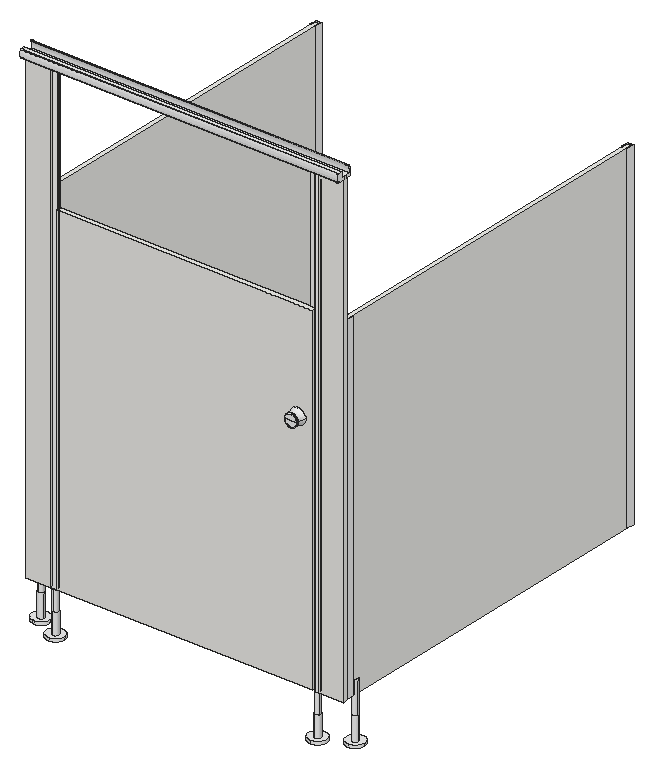
Revit family "Alsanit - Kabiny sanitarne AQUARI PRZEDSZKOLNE - LPW", category Doors, Revit 2020 (continued)
Definition of nested family "front"
  Dimensions and locks
    aligned and locked: plane 26 to Sweep 20 sketch curve
    aligned and locked: plane 23 to Sweep 20 sketch curve  (x2)
    aligned and locked: plane 5 to Sweep 20 sketch curve
    aligned and locked: plane 4 to Sweep 20 sketch curve
    aligned and locked: plane 26 to Sweep 21 sketch curve
    aligned and locked: plane 5 to Sweep 21 sketch curve
    aligned and locked: plane 22 to Sweep 21 sketch curve
    aligned and locked: Sweep 21 sketch curve to plane 20
    aligned and locked: curve 1 to Sweep 21 sketch curve
    aligned and locked: plane 21 to Sweep 16 sketch curve
    aligned and locked: Sweep 10 sketch curve to plane 22
    aligned and locked: Sweep 13 sketch curve to plane 22
    aligned and locked: plane 22 to Sweep 14 sketch curve
    aligned and locked: plane 23 to Sweep 11 sketch curve
    aligned and locked: Sweep 12 sketch curve to plane 23
    aligned and locked: Sweep 15 sketch curve to plane 23
    aligned and locked: Revolve 3 sketch curve to plane 28
    aligned and locked: plane 27 to Sweep 22 sketch curve
    aligned and locked: plane 28 to Sweep 22 sketch curve
    aligned and locked: plane 29 to SweptBlend 23 sketch curve
    aligned and locked: plane 27 to SweptBlend 23 sketch curve
  Automatic sketch dimensions
    Extrusion 5 sketch curve to plane 3 "Center (Left/Right)" = 0.00 mm
    Extrusion 5 sketch curve to plane 3 "Center (Left/Right)" = 9.496 mm
    Extrusion 5 sketch curve to Extrusion 5 sketch curve = 4.01 mm  (x2)
    plane 3 "Center (Left/Right)" to Extrusion 5 sketch curve = 9.496 mm
    Extrusion 5 sketch curve to plane 6 = 252.608 mm
    Extrusion 5 sketch curve to Extrusion 5 sketch curve = 5.253 mm  (x2)
    Extrusion 5 sketch curve to Extrusion 5 sketch curve = 8.198 mm  (x2)
    Extrusion 5 sketch curve to Extrusion 5 sketch curve = 9.245 mm
    Extrusion 5 sketch curve to Extrusion 5 sketch curve = 0.00 mm
    Extrusion 6 sketch curve to plane 6 = 252.608 mm
    Extrusion 6 sketch curve to Extrusion 6 sketch curve = 3.724 mm
    Extrusion 6 sketch curve to Extrusion 6 sketch curve = 6.458 mm
    Extrusion 6 sketch curve to Extrusion 6 sketch curve = 7.301 mm
    Extrusion 6 sketch curve to Extrusion 6 sketch curve = 3.101 mm
    Extrusion 6 sketch curve to Extrusion 6 sketch curve = 10.258 mm
    Extrusion 6 sketch curve to Extrusion 6 sketch curve = 4.27 mm
    Extrusion 6 sketch curve to Extrusion 6 sketch curve = 5.269 mm
    Extrusion 6 sketch curve to Extrusion 6 sketch curve = 11.338 mm
    Extrusion 6 sketch curve to Extrusion 6 sketch curve = 0.173 mm
    Extrusion 6 sketch curve to Extrusion 6 sketch curve = 3.03 mm
    Extrusion 6 sketch curve to Extrusion 6 sketch curve = 7.018 mm
    Extrusion 6 sketch curve to Extrusion 6 sketch curve = 44.934 mm
    Extrusion 6 sketch curve to Extrusion 6 sketch curve = 0.00 mm  (x3)
    Extrusion 7 sketch curve to plane 6 = 252.608 mm
    Extrusion 7 sketch curve to Extrusion 7 sketch curve = 3.724 mm
    Extrusion 7 sketch curve to Extrusion 7 sketch curve = 6.458 mm
    Extrusion 7 sketch curve to Extrusion 7 sketch curve = 7.301 mm
    Extrusion 7 sketch curve to Extrusion 7 sketch curve = 3.101 mm
    Extrusion 7 sketch curve to Extrusion 7 sketch curve = 10.258 mm
    Extrusion 7 sketch curve to Extrusion 7 sketch curve = 4.27 mm
    Extrusion 7 sketch curve to Extrusion 7 sketch curve = 5.269 mm
    Extrusion 7 sketch curve to Extrusion 7 sketch curve = 11.338 mm
    Extrusion 7 sketch curve to Extrusion 7 sketch curve = 0.173 mm
    Extrusion 7 sketch curve to Extrusion 7 sketch curve = 3.03 mm
    Extrusion 7 sketch curve to Extrusion 7 sketch curve = 7.018 mm
    Extrusion 7 sketch curve to Extrusion 7 sketch curve = 44.934 mm
    Extrusion 7 sketch curve to Extrusion 7 sketch curve = 0.00 mm  (x3)
    plane 1 "Center (Front/Back)" to Sweep 1 sketch curve = 0.00 mm
    plane 8 to Sweep 8 sketch curve = 5.26 mm
    Sweep 9 sketch curve to plane 7 = 0.274 mm
    Sweep 16 sketch curve to plane 23 = 0.00 mm
    profile plane to Sweep 16 sketch curve = 4.547 mm
    Sweep 17 sketch curve to profile plane = 2.00 mm
    Sweep 17 sketch curve to profile plane = 8.369 mm
    Sweep 17 sketch curve to Sweep 17 sketch curve = 25.273 mm
    Sweep 20 sketch curve to Sweep 20 sketch curve = 2.00 mm
    Sweep 20 sketch curve to Sweep 20 sketch curve = 31.642 mm
    Sweep 19 sketch curve to Sweep 19 sketch curve = 6.729 mm
    Revolve 2 sketch curve to plane 9 = 0.00 mm  (x2)
    Revolve 2 sketch curve to plane 4 = 0.00 mm
    plane 23 to Revolve 2 sketch curve = 5.153 mm
    Revolve 2 sketch curve to plane 10 = 16.186 mm
    Revolve 2 sketch curve to plane 10 = 24.00 mm
    Revolve 2 sketch curve to Revolve 2 sketch curve = 25.00 mm  (x2)
    Revolve 2 sketch curve to Revolve 2 sketch curve = 10.00 mm
    Revolve 3 sketch curve to plane 9 = 0.00 mm  (x3)
    plane 1 "Center (Front/Back)" to Revolve 3 sketch curve = 0.00 mm
    plane 9 to Revolve 3 sketch curve = 23.50 mm
    Revolve 3 sketch curve to Revolve 3 sketch curve = 1.50 mm
    Revolve 3 sketch curve to plane 12 = 2.881 mm
    Revolve 3 sketch curve to plane 7 = 22.143 mm
    Revolve 3 sketch curve to plane 10 = 24.00 mm
    Revolve 3 sketch curve to Revolve 3 sketch curve = 3.50 mm
    Revolve 3 sketch curve to Revolve 3 sketch curve = 4.976 mm
    Revolve 3 sketch curve to Revolve 3 sketch curve = 20.00 mm
    Revolve 3 sketch curve to Revolve 3 sketch curve = 10.00 mm
    Sweep 22 sketch curve to plane 9 = 0.00 mm
    Sweep 4 sketch curve to profile plane = 0.00 mm  (x2)
    profile plane to Sweep 4 sketch curve = 26.00 mm
    profile plane to Sweep 4 sketch curve = 16.877 mm
    Sweep 4 sketch curve to profile plane = 57.00 mm
    Sweep 4 sketch curve to profile plane = 9.00 mm
    SweptBlend 23 sketch curve to plane 9 = 0.00 mm
    profile plane to SweptBlend 23 sketch curve = 60.398 mm
    SweptBlend 23 sketch curve to SweptBlend 23 sketch curve = 0.00 mm  (x3)
    SweptBlend 23 sketch curve to SweptBlend 23 sketch curve = 0.105 mm
    SweptBlend 23 sketch curve to profile plane = 8.41 mm
    level to SweptBlend 23 sketch curve = 1108.003 mm
    SweptBlend 23 sketch curve to SweptBlend 23 sketch curve = 1.997 mm
    SweptBlend 23 sketch curve to SweptBlend 23 sketch curve = 0.293 mm  (x2)
    SweptBlend 23 sketch curve to SweptBlend 23 sketch curve = 5.588 mm
    profile plane to Sweep 22 sketch curve = 60.555 mm
    Sweep 22 sketch curve to Sweep 22 sketch curve = 0.00 mm
    Sweep 22 sketch curve to Sweep 22 sketch curve = 0.262 mm
    Sweep 22 sketch curve to profile plane = 7.195 mm  (x2)
    Sweep 22 sketch curve to profile plane = 7.643 mm
    level to Sweep 22 sketch curve = 1101.456 mm
    Sweep 22 sketch curve to Sweep 22 sketch curve = 3.551 mm
    Sweep 22 sketch curve to Sweep 22 sketch curve = 8.544 mm
    Sweep 22 sketch curve to Sweep 22 sketch curve = 4.993 mm
    profile plane to SweptBlend 23 sketch curve = 60.555 mm
    SweptBlend 23 sketch curve to SweptBlend 23 sketch curve = 0.262 mm
    SweptBlend 23 sketch curve to profile plane = 7.195 mm  (x2)
    level to SweptBlend 23 sketch curve = 1101.456 mm
    SweptBlend 23 sketch curve to SweptBlend 23 sketch curve = 4.993 mm
    SweptBlend 23 sketch curve to SweptBlend 23 sketch curve = 3.551 mm
    SweptBlend 23 sketch curve to SweptBlend 23 sketch curve = 17.088 mm
    SweptBlend 23 sketch curve to profile plane = 7.643 mm
    Sweep 8 sketch curve to Sweep 8 sketch curve = 0.00 mm  (x2)
    plane 1 "Center (Front/Back)" to Sweep 8 sketch curve = 0.00 mm  (x2)
    Sweep 8 sketch curve to profile plane = 6.24 mm
    radius of Sweep 15 sketch curve = 35.00 mm
    radius of Sweep 14 sketch curve = 35.00 mm
